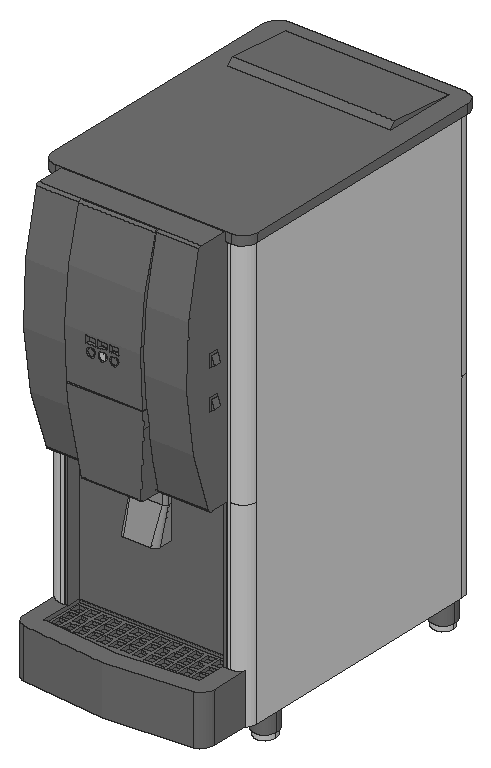
Revit family "QF_HOSHIZAKI_DCM-120KE-P", category Specialty Equipment, Revit 2016
Family settings
  Part Type = Normal
  Round Connector Dimension = Use Diameter
  OmniClass Number = 23.40.40.14
  OmniClass Title = Food Service Equipment
  Work Plane-Based = No
  Always vertical = Yes
  Cut with Voids When Loaded = No
  Shared = No
  Room Calculation Point = No
Parameters (values of type "DCM-120KE-P_240V/1Ph/60Hz")
  Weight = 57.00 kg
  Waste Remarks [instance] = ""
  Volts = 240 V
  URL Cutsheet = ""
  URL = "www.hoshizaki-europe.com"
  Status [instance] = ""
  Specification by User [instance] = ""
  Specification by Manufacturer [instance] = ""
  Serial Number = ""
  Seismic Rating = ""
  SMACNA No = ""
  Revision Code [instance] = ""
  Phase = 1
  Number of Poles = 2
  NAFEM Spec ID Number = ""
  Model = "DCM-120KE-P "
  Min Ckt Ampacity = 0 A
  Max Overcurrent Protection = 0 A
  Masterspec = ""
  Manufacturer = "HOSHIZAKI"
  Length Actual = 350 mm
  Item Number [instance] = ""
  Installed By [instance] = ""
  Indirect Waste Size = 25.4 mm
  Indirect Waste Connection Type [instance] = ""
  Indirect Waste Connection Height [instance] = 27 mm
  Identify Quantity as Lot [instance] = no
  Height Actual = 815 mm
  HP power = ""
  Furnished By [instance] = ""
  Foodservice Equipment Identifier [instance] = yes
  FL Amps = 20 A
  Electric power = 480 W
  Electric Connection Type [instance] = ""
  Elec Conn RI Height [instance] = 0 mm
  Elec Conn Connection Height [instance] = 45 mm
  Direct Waste RI Height [instance] = 0 mm
  Description = "DCM ICE AND WATER DISPENSER, 120KG PER 24 HOURS, CUBELET AND WATER, PUSH BUTTON"
  Depth Actual = 585 mm
  Cycle = 60 Hz
  Cost = 0
  Conn Plug = ""
  Conn Conduit = no
  Cold Water Temperature Recommended = 0 °C
  Cold Water Size = 19.05 mm
  Cold Water Flow = 0.0 L/s
  Cold Water Connection Height [instance] = 27 mm
  CSI MasterFormat = ""
  Assembly Code = "E1090320"
  Apparent Power = 480 VA
  Accessory = no
Types (2, lengths in mm): name | Volts | Cycle
  DCM-120KE-P_240V/1Ph/60Hz | 240 V | 60 Hz
  DCM-120KE-P_230V/1Ph/50Hz | 230 V | 50 Hz
Reference planes
  plane 1 "Center (Front/Back)": y = 0
  plane 2: z = 0
  plane 3 "Center (Left/Right)": x = 0
Forms (mm)
  Extrusion 1, solid, not visible
    sketch origin (24, -306, 26) x (1, 0, 0) y (0, 1, 0)
      loop
        line (0, 0) -> (2, 0) -> (2, 2) -> (0, 2) -> (0, 0)
    from 0 to 2
  Extrusion 2, solid, not visible
    sketch origin (266, -463, 26) x (1, 0, 0) y (0, 1, 0)
      loop
        line (0, 0) -> (2, 0) -> (2, 2) -> (0, 2) -> (0, 0)
    from 0 to 2
  Extrusion 3, solid, not visible
    sketch origin (319, -377, 44) x (1, 0, 0) y (0, 1, 0)
      loop
        line (0, 0) -> (2, 0) -> (2, 2) -> (0, 2) -> (0, 0)
    from 0 to 2
  Extrusion 4, solid, not visible
    sketch origin (24, -306, 26) x (1, 0, 0) y (0, 1, 0)
      loop
        line (0, 0) -> (2, 0) -> (2, 2) -> (0, 2) -> (0, 0)
    from 0 to 2
  Extrusion 5, solid, not visible
    sketch origin (266, -463, 26) x (1, 0, 0) y (0, 1, 0)
      loop
        line (0, 0) -> (2, 0) -> (2, 2) -> (0, 2) -> (0, 0)
    from 0 to 2
  Extrusion 6, solid, not visible
    sketch origin (319, -377, 44) x (1, 0, 0) y (0, 1, 0)
      loop
        line (0, 0) -> (2, 0) -> (2, 2) -> (0, 2) -> (0, 0)
    from 0 to 2
Dimensions and locks
  aligned and locked: level to plane 2
Nested families
  nested 1: "QF_HOSHIZAKI_DCM-120KE-P_240V_1Ph_60Hz" at (0, 0, 0), type "DCM-120KE-P_240V/1Ph/60Hz"
    with Show Clearance yes
Connectors
  piping at (25, -304, 27), diameter 19.05, driven by "Cold Water Size", driven by "Cold Water Flow"
    settings: on Extrusion 1, index 1, connector inside diameter 609.6 mm, connector length 0 mm, flow factor 0, pipe flow 0.0 L/s, pressure drop 0.0 Pa, fitting loss kfactor 0, connector angle 0.00°, fixture units 0, engagement length 0 mm, angle of deflection 0.00°, flow configuration 1, flow direction 1, fitting loss method 0, system type 20, joint type 0, gender type 0, connector reference index -1, connector utility 0, adjustable connector no, is connector primary yes, connector description "Cold Water connection for 'DCM-120KE-P'"
  piping at (267, -461, 27), diameter 25.4, driven by "Indirect Waste Size"
    settings: on Extrusion 2, index 2, connector inside diameter 609.6 mm, connector length 0 mm, flow factor 0, pipe flow 0.0 L/s, pressure drop 0.0 Pa, fitting loss kfactor 0, connector angle 0.00°, fixture units 0, engagement length 0 mm, angle of deflection 0.00°, flow configuration 1, flow direction 2, fitting loss method 0, system type 16, joint type 0, gender type 0, connector reference index -1, connector utility 0, adjustable connector no, is connector primary no, connector description "Drain connection for 'DCM-120KE-P'"
  electrical at (320, -375, 45), driven by "Apparent Power", driven by "Number of Poles", driven by "Volts"
    settings: on Extrusion 3, index 3, voltage 240 V, apparent load 0 VA, apparent load phase1 480 VA, apparent load phase2 0 VA, apparent load phase3 0 VA, power factor 1, load classification "Other", number of poles 2, system type 31, power factor state 1, is connector primary yes, connector utility no, sub classification motor no, connector description "Electric connection for 'DCM-120KE-P'"
  piping at (25, -304, 27), diameter 19.05, driven by "Cold Water Size", driven by "Cold Water Flow"
    settings: on Extrusion 4, index 4, connector inside diameter 609.6 mm, connector length 0 mm, flow factor 0, pipe flow 0.0 L/s, pressure drop 0.0 Pa, fitting loss kfactor 0, connector angle 0.00°, fixture units 0, engagement length 0 mm, angle of deflection 0.00°, flow configuration 1, flow direction 1, fitting loss method 0, system type 20, joint type 0, gender type 0, connector reference index -1, connector utility 0, adjustable connector no, is connector primary no, connector description "Cold Water connection for 'DCM-120KE-P'"
  piping at (267, -461, 27), diameter 25.4, driven by "Indirect Waste Size"
    settings: on Extrusion 5, index 5, connector inside diameter 609.6 mm, connector length 0 mm, flow factor 0, pipe flow 0.0 L/s, pressure drop 0.0 Pa, fitting loss kfactor 0, connector angle 0.00°, fixture units 0, engagement length 0 mm, angle of deflection 0.00°, flow configuration 1, flow direction 2, fitting loss method 0, system type 16, joint type 0, gender type 0, connector reference index -1, connector utility 0, adjustable connector no, is connector primary no, connector description "Drain connection for 'DCM-120KE-P'"
  electrical at (320, -375, 45), driven by "Apparent Power", driven by "Number of Poles", driven by "Volts"
    settings: on Extrusion 6, index 6, voltage 240 V, apparent load 0 VA, apparent load phase1 480 VA, apparent load phase2 0 VA, apparent load phase3 0 VA, power factor 1, load classification "Other", number of poles 2, system type 31, power factor state 1, is connector primary no, connector utility no, sub classification motor no, connector description "Electric connection for 'DCM-120KE-P'"
Definition of nested family "QF_HOSHIZAKI_DCM-120KE-P_240V_1Ph_60Hz"
  Parameters (values of type "DCM-120KE-P_240V/1Ph/60Hz")
    URL = "www.hoshizaki-europe.com"
    Show Clearance [instance] = yes
    Model = "DCM-120KE-P"
    Manufacturer = "HOSHIZAKI"
    Description = "DCM ICE AND WATER DISPENSER, 120KG PER 24 HOURS, CUBELET AND WATER, PUSH BUTTON"
    CSI MasterFormat = ""
    Assembly Code = "E1090320"
  Types (4, lengths in mm): name | Model | Description
    (no name) | "DCM-120KE-P" | "DCM ICE AND WATER DISPENSER, 120KG PER 24 HOURS, CUBELET AND WATER, PUSH BUTTON"
    DCM-120KE | "DCM-120KE" | "DCM ICE AND WATER DISPENSER, 120KG PER 24 HOURS, CUBELET AND WATER, PUSH BUTTON"
    DCM-120KE-P_240V/1Ph/60Hz | "DCM-120KE-P" | "DCM ICE AND WATER DISPENSER, 120KG PER 24 HOURS, CUBELET AND WATER, PUSH BUTTON"
    DCM-120KE-HC | "DCM-120KE-HC" | "DCM ICE AND WATER DISPENSER, 120KG PER 24 HOURS, CUBELET AND WATER, LEVER"
  Reference planes
    plane 1 "Back": y = 0
    plane 2: z = 0
    plane 3 "Left": x = 0
    plane 4 "Right": x = 350
    plane 5 "Front": y = -585
    plane 6 "Top": z = 815
    plane 7: y = -579.094
  Forms (mm)
    Extrusion 1, solid
      sketch origin (0, 0, 120) x (1, 0, 0) y (0, 1, 0)
        loop
          arc (25, 0) -> (7.322, -7.322) -> (0, -25) r 25
          line (0, -25) -> (0, -472.5)
          arc (0, -472.5) -> (7.322, -490.178) -> (25, -497.5) r 25
          line (25, -497.5) -> (325, -497.5)
          arc (325, -497.5) -> (342.678, -490.178) -> (350, -472.5) r 25
          line (350, -472.5) -> (350, -25)
          arc (350, -25) -> (342.678, -7.322) -> (325, 0) r 25
          line (325, 0) -> (25, 0)
      from 670 to 685
    Extrusion 2, solid
      sketch origin (0, 0, 389) x (1, 0, 0) y (0, 1, 0)
        loop
          arc (25, -5) -> (10.858, -10.858) -> (5, -25) r 20
          line (5, -25) -> (5, -468)
          arc (5, -468) -> (12.322, -485.678) -> (30, -493) r 25
          line (30, -493) -> (320, -493)
          arc (320, -493) -> (337.678, -485.678) -> (345, -468) r 25
          line (345, -468) -> (345, -30)
          arc (345, -30) -> (337.678, -12.322) -> (320, -5) r 25
          line (320, -5) -> (25, -5)
      from 0 to 399
    Extrusion 3, solid
      sketch origin (0, 0, 50) x (1, 0, 0) y (0, 1, 0)
        loop
          arc (25, -5) -> (10.858, -10.858) -> (5, -25) r 20
          line (5, -25) -> (5, -468)
          arc (5, -468) -> (12.322, -485.678) -> (30, -493) r 25
          line (30, -493) -> (36, -493) -> (36, -464) -> (314, -464) -> (314, -493) -> (320, -493)
          arc (320, -493) -> (337.678, -485.678) -> (345, -468) r 25
          line (345, -468) -> (345, -30)
          arc (345, -30) -> (337.678, -12.322) -> (320, -5) r 25
          line (320, -5) -> (25, -5)
      from 0 to 339
    Extrusion 4, solid
      sketch origin (0, -66, 50) x (1, 0, 0) y (0, 1, 0)
        loop
          line (12, -419.349) -> (12, -482.41)
          arc (12, -482.41) -> (17.026, -497.445) -> (30.084, -506.435) r 25
          arc (30.084, -506.435) -> (175, -519.412) -> (319.916, -506.435) r 815.614
          arc (319.916, -506.435) -> (332.974, -497.445) -> (338, -482.41) r 25
          line (338, -482.41) -> (338, -419.349)
          arc (338, -419.349) -> (329.779, -425.008) -> (320, -427) r 25
          line (320, -427) -> (314, -427) -> (314, -398) -> (36, -398) -> (36, -427) -> (30, -427)
          arc (30, -427) -> (20.221, -425.008) -> (12, -419.349) r 25
        loop
          line (308, -403) -> (42, -403) -> (42, -478.072)
          arc (42, -478.072) -> (175, -489.412) -> (308, -478.072) r 785.614
          line (308, -478.072) -> (308, -403)
      from 0 to 85
    Extrusion 5, solid
      sketch origin (0, -66, 0) x (1, 0, 0) y (0, 1, 0)
        loop
          line (36, -398) -> (36, -427) -> (42, -427) -> (42, -403) -> (308, -403) -> (308, -427) -> (314, -427) -> (314, -398) -> (36, -398)
      from 135 to 389
    Extrusion 6, solid
      sketch origin (0, -66, 47) x (0, 1, 0) y (0, 0, 1)
        loop
          line (-432, 758) -> (-481.019, 758)
          arc (-481.019, 758) -> (-484.281, 757.203) -> (-486.807, 754.99) r 7.071
          arc (-486.807, 754.99) -> (-512.728, 548.052) -> (-465.09, 345.01) r 590.478
          arc (-465.09, 345.01) -> (-462.564, 342.797) -> (-459.302, 342) r 7.071
          line (-459.302, 342) -> (-427, 342) -> (-427, 743) -> (-432, 743) -> (-432, 758)
      from 36 to 314
    Extrusion 7, solid
      sketch origin (110, -56, 47) x (0, 1, 0) y (0, 0, 1)
        loop
          arc (-517.034, 494) -> (-521.761, 625.645) -> (-496.807, 754.99) r 582.888
          arc (-496.807, 754.99) -> (-494.281, 757.203) -> (-491.019, 758) r 7.071
          line (-491.019, 758) -> (-491.929, 758)
          arc (-491.929, 758) -> (-495.191, 757.203) -> (-497.717, 754.99) r 7.071
          arc (-497.717, 754.99) -> (-526.179, 626.038) -> (-524.034, 494) r 566.877
          line (-524.034, 494) -> (-517.034, 494)
        loop
          line (-504.139, 342) -> (-468.212, 342)
          arc (-468.212, 342) -> (-471.474, 342.797) -> (-474, 345.01) r 7.071
          arc (-474, 345.01) -> (-500.684, 416.695) -> (-516.653, 491.5) r 524.296
          line (-516.653, 491.5) -> (-523.913, 491.5)
          arc (-523.913, 491.5) -> (-519.206, 418.037) -> (-509.927, 345.01) r 1179.959
          arc (-509.927, 345.01) -> (-507.401, 342.797) -> (-504.139, 342) r 7.071
      from 0 to 130
    Extrusion 8, void
      sketch origin (0, -66, 47) x (1, 0, 0) y (0, 0, 1)
        loop
          line (225, 342) -> (240, 342) -> (240, 464.165) -> (225, 342)
        loop
          line (125, 342) -> (110, 464.165) -> (110, 342) -> (125, 342)
      from 527.039 to 427
    Extrusion 9, solid
      sketch origin (0, -66, 0) x (1, 0, 0) y (0, 1, 0)
        loop
          arc (42, -478.072) -> (175, -489.412) -> (308, -478.072) r 785.614
          line (308, -478.072) -> (308, -403) -> (42, -403) -> (42, -478.072)
      from 50 to 65.191
    Extrusion 10, solid
      sketch origin (0, -66, 125) x (1, 0, 0) y (0, 1, 0)
        loop
          line (44, -405) -> (44, -478.385)
          arc (44, -478.385) -> (175, -489.412) -> (306, -478.385) r 783.614
          line (306, -478.385) -> (306, -405) -> (44, -405)
        loop
          line (62.5, -410) -> (47.5, -410) -> (47.5, -427) -> (62.5, -427) -> (62.5, -410)
        loop
          line (67.5, -410) -> (67.5, -427) -> (82.5, -427) -> (82.5, -410) -> (67.5, -410)
        loop
          line (87.5, -410) -> (87.5, -427) -> (102.5, -427) -> (102.5, -410) -> (87.5, -410)
        loop
          line (107.5, -410) -> (107.5, -427) -> (122.5, -427) -> (122.5, -410) -> (107.5, -410)
        loop
          line (127.5, -410) -> (127.5, -427) -> (142.5, -427) -> (142.5, -410) -> (127.5, -410)
        loop
          line (147.5, -410) -> (147.5, -427) -> (162.5, -427) -> (162.5, -410) -> (147.5, -410)
        loop
          line (167.5, -410) -> (167.5, -427) -> (182.5, -427) -> (182.5, -410) -> (167.5, -410)
        loop
          line (187.5, -410) -> (187.5, -427) -> (202.5, -427) -> (202.5, -410) -> (187.5, -410)
        loop
          line (207.5, -410) -> (207.5, -427) -> (222.5, -427) -> (222.5, -410) -> (207.5, -410)
        loop
          line (227.5, -410) -> (227.5, -427) -> (242.5, -427) -> (242.5, -410) -> (227.5, -410)
        loop
          line (247.5, -410) -> (247.5, -427) -> (262.5, -427) -> (262.5, -410) -> (247.5, -410)
        loop
          line (267.5, -410) -> (267.5, -427) -> (282.5, -427) -> (282.5, -410) -> (267.5, -410)
        loop
          line (287.5, -410) -> (287.5, -427) -> (302.5, -427) -> (302.5, -410) -> (287.5, -410)
        loop
          line (62.5, -432) -> (47.5, -432) -> (47.5, -449) -> (62.5, -449) -> (62.5, -432)
        loop
          line (67.5, -432) -> (67.5, -449) -> (82.5, -449) -> (82.5, -432) -> (67.5, -432)
        loop
          line (87.5, -432) -> (87.5, -449) -> (102.5, -449) -> (102.5, -432) -> (87.5, -432)
        loop
          line (107.5, -432) -> (107.5, -449) -> (122.5, -449) -> (122.5, -432) -> (107.5, -432)
        loop
          line (127.5, -432) -> (127.5, -449) -> (142.5, -449) -> (142.5, -432) -> (127.5, -432)
        loop
          line (147.5, -432) -> (147.5, -449) -> (162.5, -449) -> (162.5, -432) -> (147.5, -432)
        loop
          line (167.5, -432) -> (167.5, -449) -> (182.5, -449) -> (182.5, -432) -> (167.5, -432)
        loop
          line (187.5, -432) -> (187.5, -449) -> (202.5, -449) -> (202.5, -432) -> (187.5, -432)
        loop
          line (207.5, -432) -> (207.5, -449) -> (222.5, -449) -> (222.5, -432) -> (207.5, -432)
        loop
          line (227.5, -432) -> (227.5, -449) -> (242.5, -449) -> (242.5, -432) -> (227.5, -432)
        loop
          line (247.5, -432) -> (247.5, -449) -> (262.5, -449) -> (262.5, -432) -> (247.5, -432)
        loop
          line (267.5, -432) -> (267.5, -449) -> (282.5, -449) -> (282.5, -432) -> (267.5, -432)
        loop
          line (287.5, -432) -> (287.5, -449) -> (302.5, -449) -> (302.5, -432) -> (287.5, -432)
        loop
          line (62.5, -454) -> (47.5, -454) -> (47.5, -471) -> (62.5, -471) -> (62.5, -454)
        loop
          line (67.5, -454) -> (67.5, -471) -> (82.5, -471) -> (82.5, -454) -> (67.5, -454)
        loop
          line (87.5, -454) -> (87.5, -471) -> (102.5, -471) -> (102.5, -454) -> (87.5, -454)
        loop
          line (107.5, -454) -> (107.5, -471) -> (122.5, -471) -> (122.5, -454) -> (107.5, -454)
        loop
          line (127.5, -454) -> (127.5, -471) -> (142.5, -471) -> (142.5, -454) -> (127.5, -454)
        loop
          line (147.5, -454) -> (147.5, -471) -> (162.5, -471) -> (162.5, -454) -> (147.5, -454)
        loop
          line (167.5, -454) -> (167.5, -471) -> (182.5, -471) -> (182.5, -454) -> (167.5, -454)
        loop
          line (187.5, -454) -> (187.5, -471) -> (202.5, -471) -> (202.5, -454) -> (187.5, -454)
        loop
          line (207.5, -454) -> (207.5, -471) -> (222.5, -471) -> (222.5, -454) -> (207.5, -454)
        loop
          line (227.5, -454) -> (227.5, -471) -> (242.5, -471) -> (242.5, -454) -> (227.5, -454)
        loop
          line (247.5, -454) -> (247.5, -471) -> (262.5, -471) -> (262.5, -454) -> (247.5, -454)
        loop
          line (267.5, -454) -> (267.5, -471) -> (282.5, -471) -> (282.5, -454) -> (267.5, -454)
        loop
          line (287.5, -454) -> (287.5, -471) -> (302.5, -471) -> (302.5, -454) -> (287.5, -454)
      from 0 to 5
    Blend 11, solid
      base sketch origin (0, -166, 47) x (1, 0, 0) y (0, 1, 0)
        loop
          line (140.482, -311.165) -> (140.482, -332.165)
          arc (140.482, -332.165) -> (143.411, -339.236) -> (150.482, -342.165) r 10
          line (150.482, -342.165) -> (195.482, -342.165)
          arc (195.482, -342.165) -> (202.553, -339.236) -> (205.482, -332.165) r 10
          line (205.482, -332.165) -> (205.482, -311.165) -> (140.482, -311.165)
      top sketch origin (0, -166, 0) x (1, 0, 0) y (0, 1, 0)
        loop
          line (140.482, -311.165) -> (140.482, -316.665)
          arc (140.482, -316.665) -> (142.093, -320.554) -> (145.982, -322.165) r 5.5
          line (145.982, -322.165) -> (199.982, -322.165)
          arc (199.982, -322.165) -> (203.871, -320.554) -> (205.482, -316.665) r 5.5
          line (205.482, -316.665) -> (205.482, -311.165) -> (140.482, -311.165)
      from 237.398 to 342.491
    Extrusion 12, solid
      sketch origin (0, -56, 615.172) x (1, 0, 0) y (0, 1, 0)
        loop
          line (148.752, -523.552) -> (161.455, -525.792) -> (161.455, -520.871) -> (148.752, -520.871) -> (148.752, -523.552)
      from 0.911 to 8.576
    Extrusion 13, solid
      sketch origin (20, -56, 615.172) x (1, 0, 0) y (0, 1, 0)
        loop
          line (148.752, -523.552) -> (161.455, -525.792) -> (161.455, -520.871) -> (148.752, -520.871) -> (148.752, -523.552)
      from 0.911 to 8.576
    Extrusion 14, solid
      sketch origin (40, -56, 615.172) x (1, 0, 0) y (0, 1, 0)
        loop
          line (148.752, -523.552) -> (161.455, -525.792) -> (161.455, -520.871) -> (148.752, -520.871) -> (148.752, -523.552)
      from 0.911 to 8.576
    Extrusion 15, solid
      sketch origin (0, -576.871, 47) x (1, 0, 0) y (0, 0, 1)
        loop
          circle (155.195, 555.5) r 5.5
      from 0 to 7.129
    Extrusion 16, solid
      sketch origin (40, -576.871, 47) x (1, 0, 0) y (0, 0, 1)
        loop
          circle (155.195, 555.5) r 5.5
      from 0 to 7.129
    Extrusion 17, solid
      sketch origin (20, -576.871, 47) x (1, 0, 0) y (0, 0, 1)
        loop
          circle (155.195, 555.5) r 5.5
      from 0 to 7.129
    Extrusion 18, solid
      sketch origin (-132.67, 338.627, 0.282) x (1, 0, 0) y (0, 1, 0)
        loop
          circle (166.67, -372.627) r 20.5
      from 9.718 to 49.718
    Extrusion 19, solid
      sketch origin (-132.67, 338.627, 0) x (1, 0, 0) y (0, 1, 0)
        loop
          circle (166.67, -372.627) r 17.5
      from 0 to 10
    Extrusion 20, solid
      sketch origin (482.67, 338.627, 0.282) x (-1, 0, 0) y (0, -1, 0)
        loop
          circle (166.67, 372.627) r 20.5
      from 9.718 to 49.718
    Extrusion 21, solid
      sketch origin (482.67, 338.627, 0) x (-1, 0, 0) y (0, -1, 0)
        loop
          circle (166.67, 372.627) r 17.5
      from 0 to 10
    Extrusion 22, solid
      sketch origin (-132.67, -41.373, 0.282) x (1, 0, 0) y (0, 1, 0)
        loop
          circle (166.67, -372.627) r 20.5
      from 9.718 to 49.718
    Extrusion 23, solid
      sketch origin (-132.67, -41.373, 0) x (1, 0, 0) y (0, 1, 0)
        loop
          circle (166.67, -372.627) r 17.5
      from 0 to 10
    Extrusion 24, solid
      sketch origin (482.67, -41.373, 0.282) x (-1, 0, 0) y (0, -1, 0)
        loop
          circle (166.67, 372.627) r 20.5
      from 9.718 to 49.718
    Extrusion 25, solid
      sketch origin (482.67, -41.373, 0) x (-1, 0, 0) y (0, -1, 0)
        loop
          circle (166.67, 372.627) r 17.5
      from 0 to 10
    Extrusion 26, solid
      sketch origin (0, -66, 47) x (1, 0, 0) y (0, 1, 0)
        loop
          line (140.482, -411.165) -> (140.482, -416.665)
          arc (140.482, -416.665) -> (142.093, -420.554) -> (145.982, -422.165) r 5.5
          line (145.982, -422.165) -> (199.982, -422.165)
          arc (199.982, -422.165) -> (203.871, -420.554) -> (205.482, -416.665) r 5.5
          line (205.482, -416.665) -> (205.482, -411.165) -> (140.482, -411.165)
      from 295.491 to 342
    Extrusion 27, solid
      sketch origin (0, 0, 120) x (0, 1, 0) y (0, 0, 1)
        loop
          line (-20, 685) -> (-134.301, 695) -> (-144.301, 685) -> (-20, 685)
      from 314 to 36
    Extrusion 28, solid
      sketch origin (-6.587, -35.66, 27) x (1, 0, 0) y (0, 1, 0)
        loop
          circle (31.587, -268.34) r 10
        loop
          circle (31.587, -268.34) r 8
      from 0 to 23
    Extrusion 29, solid
      sketch origin (117.104, -60.281, 45) x (1, 0, 0) y (0, 1, 0)
        loop
          circle (202.896, -313.719) r 5
      from 0 to 5
    Sweep 30, solid
      path origin (267, -143.502, 0) x (0, 1, 0) y (0, 0, 1)
        loop
          line (-343, 50) -> (-343, 37.5)
          arc (-343, 37.5) -> (-338.607, 26.893) -> (-328, 22.5) r 15
          line (-328, 22.5) -> (-317.393, 22.5)
      profile origin (267, -486.502, 43.75) x (1, 0, 0) y (0, 1, 0)
        loop
          circle (0, 0) r 12.5
        loop
          circle (0, 0) r 10.5
    Extrusion 31, solid
      sketch origin (314, 15, 82) x (0, 1, 0) y (0, 0, 1)
        loop
          line (-546.84, 550.904) -> (-546.84, 529.904) -> (-531.84, 529.904) -> (-531.84, 550.904) -> (-546.84, 550.904)
      from 0 to 2
    Extrusion 32, solid
      sketch origin (314, 15, 15) x (0, 1, 0) y (0, 0, 1)
        loop
          line (-546.84, 550.904) -> (-546.84, 529.904) -> (-531.84, 529.904) -> (-531.84, 550.904) -> (-546.84, 550.904)
      from 0 to 2
    Extrusion 33, solid
      sketch origin (0, -679.835, 47) x (1, 0, 0) y (0, 0, 1)
        loop
          line (316, 583.434) -> (316, 566.716) -> (322.223, 569.617) -> (318.043, 582.481) -> (316, 583.434)
      from -150 to -160.99
    Extrusion 34, solid
      sketch origin (0, -679.835, -20) x (1, 0, 0) y (0, 0, 1)
        loop
          line (316, 583.434) -> (316, 566.716) -> (322.223, 569.617) -> (318.043, 582.481) -> (316, 583.434)
      from -150 to -160.99
    Extrusion 35, void
      sketch origin (0, -765, 0) x (1, 0, 0) y (0, 0, 1)
        loop
          circle (155.195, 602.5) r 7.5
        loop
          line (163.455, 614.083) -> (163.455, 625.748) -> (146.752, 625.748) -> (146.752, 614.083) -> (163.455, 614.083)
        loop
          line (166.752, 614.083) -> (183.455, 614.083) -> (183.455, 625.748) -> (166.752, 625.748) -> (166.752, 614.083)
        loop
          line (186.752, 625.748) -> (186.752, 614.083) -> (203.455, 614.083) -> (203.455, 625.748) -> (186.752, 625.748)
        loop
          circle (175.195, 602.5) r 7.5
        loop
          circle (195.195, 602.5) r 7.5
      from -166 to -188.129
  Cuts and joins
    Extrusion 8, Extrusion 35 cuts Extrusion 7
    joined: Extrusion 2, Extrusion 3
  Lines and regions (mm)
    symbolic lines
      curve 1: line (25, 0, 0) -> (325, 0, 0)
      curve 2: arc (325, 0, 0) -> (342.678, -7.322, 0) -> (350, -25, 0) r 25
      curve 3: line (350, -25, 0) -> (350, -472.5, 0)
      curve 4: arc (350, -472.5, 0) -> (342.678, -490.178, 0) -> (325, -497.5, 0) r 25
      curve 5: line (338, -493.854, 0) -> (338, -548.41, 0)
      curve 6: arc (338, -548.41, 0) -> (332.974, -563.445, 0) -> (319.916, -572.435, 0) r 25
      curve 7: arc (319.916, -572.435, 0) -> (177.958, -585.981, 0) -> (36, -572.435, 0) r 750.588
      curve 8: arc (36, -572.435, 0) -> (19.029, -565.405, 0) -> (12, -548.435, 0) r 24
      curve 9: line (12, -548.435, 0) -> (12, -493.854, 0)
      curve 10: arc (25, -497.5, 0) -> (7.322, -490.178, 0) -> (0, -472.5, 0) r 25
      curve 11: line (0, -472.5, 0) -> (0, -25, 0)
      curve 12: arc (0, -25, 0) -> (7.322, -7.322, 0) -> (25, 0, 0) r 25
      curve 13: line (36, -497.5, 0) -> (36, -572.435, 0)
      curve 14: line (314, -497.5, 0) -> (314, -573.55, 0)
      curve 15: line (325, -497.5, 0) -> (25, -497.5, 0)
      curve 16: line (314, -20, 0) -> (36, -20, 0)
      curve 17: line (314, -144.301, 0) -> (314, -20, 0)
      curve 18: line (36, -144.301, 0) -> (314, -144.301, 0)
      curve 19: line (36, -20, 0) -> (36, -144.301, 0)
  Dimensions and locks
    aligned and locked: level to plane 2
  Connectors
    piping at (25, -304, 27), diameter 19.05
      settings: on Extrusion 28, index 1, connector inside diameter 609.6 mm, connector length 0 mm, flow factor 0, pipe flow 0.0 L/s, pressure drop 0.0 Pa, fitting loss kfactor 0, connector angle 0.00°, fixture units 0, engagement length 0 mm, angle of deflection 0.00°, flow configuration 1, flow direction 1, fitting loss method 0, system type 20, joint type 0, gender type 0, connector reference index -1, connector utility 0, adjustable connector no, is connector primary yes, connector description "Cold Water Connection"
    electrical at (320, -374, 45)
      settings: on Extrusion 29, index 2, voltage 230 V, apparent load 0 VA, apparent load phase1 480 VA, apparent load phase2 0 VA, apparent load phase3 0 VA, power factor 1, load classification none, number of poles 1, system type 31, power factor state 1, is connector primary yes, connector utility no, sub classification motor no, connector description "Electrical Connection"
    piping at (267, -460.895, 22.5), diameter 25.4
      settings: on Sweep 30, index 3, connector inside diameter 609.6 mm, connector length 0 mm, flow factor 0, pipe flow 0.0 L/s, pressure drop 0.0 Pa, fitting loss kfactor 0, connector angle 0.00°, fixture units 0, engagement length 0 mm, angle of deflection 0.00°, flow configuration 1, flow direction 2, fitting loss method 0, system type 16, joint type 0, gender type 0, connector reference index -1, connector utility 0, adjustable connector no, is connector primary no, connector description "Indirect Waste Connection"
